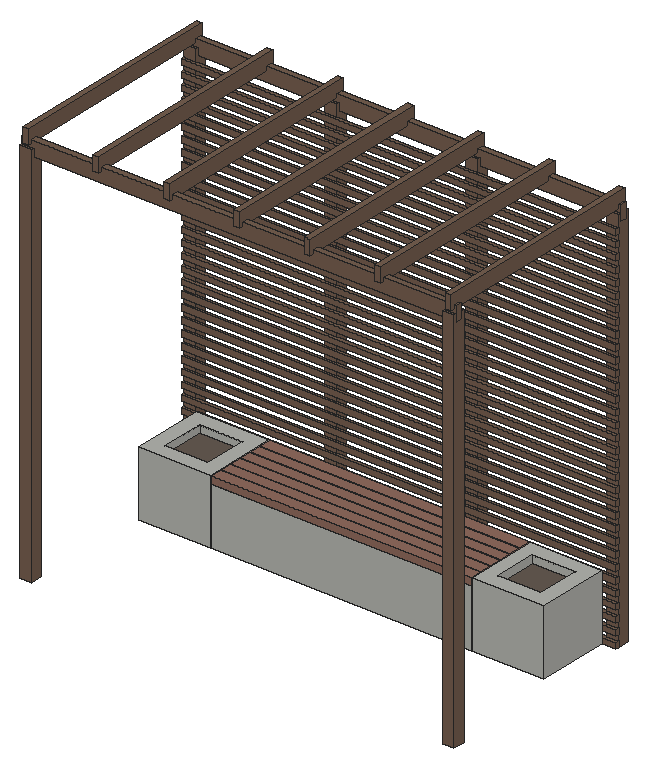
Revit family "21 Blks_Cons_Pergolado", category Mobiliário, Revit 2019
Family settings
  Número OmniClass = 23.40.20.00
  Título OmniClass = General Furniture and Specialties
  Com base no plano de trabalho = Sim
  Sempre na vertical = Sim
  Corte com vazios quando carregada = Não
  Compartilhado = Não
  Ponto de cálculo do ambiente = Não
Parameters (values of type "Único")
  b = if((Altura Pergolado / 8.5) < 10 cm, 10, (Altura Pergolado / 8.5 cm))  # 33
  a = (b * 8 cm) - 1 cm  # 263 cm
  Solo = Blks - Ground
  Pergolado = Blks - Wood - Walnut
  Manufacturer = ""
  Largura Pergolado = 300 cm
  Largura Banco = 280 cm
  Profundidade Pergolado = 150 cm
  Profundidade Banco = 50 cm
  Elevação-padrão = 121.92 cm
  Código de montagem = "Cons"
  Created By / Criado Por / Creado por = "Blocks"  # constant formula
  Comentários de tipos = "Pergolado"  # constant formula
  Base = Blks - Concrete - Raw - Medium
  Banco = Blks - Wood - Mahogany - Horizontal
  Author URL = "https://www.BlocksRvt.com/"
  Author Contact = "info@blocksrvt.com"  # constant formula
  Altura Pergolado = 280 cm
  Altura Banco = 45 cm
Reference planes (cm)
  plane 1 "Centro (Frente/Trás)": y = 0
  plane 2: z = 0
  plane 3 "Centro (Esquerda/Direita)": x = 0
  plane 4: z = 0
  plane 5: z = 45
  plane 6: z = 280
  plane 7: x = -142
  plane 8: x = -150
  plane 9: z = 270
  plane 10: x = 142
  plane 11: x = 150
  plane 12: z = 273
  plane 13: z = 268
  plane 14: z = 263
  plane 15: y = -8
  plane 16: y = -142
  plane 17: y = -150
  plane 18: y = -10
  plane 19: y = -60
  plane 20: z = 40
  plane 21: x = -100
  plane 22: x = -90
  plane 23: x = 100
  plane 24: x = 90
  plane 25: x = -140
  plane 26: x = 140
  plane 27: x = 130
  plane 28: x = -130
  plane 29: y = -50
  plane 30: y = -20
  plane 31: y = -148
  plane 32: y = -144
  plane 33: x = 148
  plane 34: x = 144
  plane 35: x = -144
  plane 36: x = -148
  plane 37: x = 146
  plane 38: x = 97.3333
  plane 39: x = 48.6667
  plane 40: x = -48.6667
  plane 41: x = -97.3333
  plane 42: x = -146
  plane 43: x = 95.3333
  plane 44: x = 99.3333
  plane 45: x = 46.6667
  plane 46: x = 50.6667
  plane 47: x = -50.6667
  plane 48: x = -46.6667
  plane 49: x = -99.3333
  plane 50: x = -95.3333
  plane 51: x = -48.6667
  plane 52: x = -52.6667
  plane 53: x = -44.6667
  plane 54: x = 48.6667
  plane 55: x = 44.6667
  plane 56: x = 52.6667
  plane 57: x = -146
  plane 58: x = 146
  plane 59: y = -35
  plane 60: y = -43.3333
  plane 61: y = -51.6667
  plane 62: y = -26.6667
  plane 63: y = -18.3333
Forms (cm)
  Extrusion 1, solid, material "Blks - Concrete - Raw - Medium" <- "Base"
    sketch origin (0, 0, 0) x (1, 0, 0) y (0, 1, 0)
      loop
        line (-140, -10) -> (-140, -60) -> (-90, -60) -> (-90, -10) -> (-140, -10)
      loop
        line (140, -60) -> (140, -10) -> (90, -10) -> (90, -60) -> (140, -60)
      loop
        line (-100, -50) -> (-100, -20) -> (-130, -20) -> (-130, -50) -> (-100, -50)
      loop
        line (100, -50) -> (130, -50) -> (130, -20) -> (100, -20) -> (100, -50)
    from 0 to 45
  Extrusion 2, solid, material "Blks - Concrete - Raw - Medium" <- "Base"
    sketch origin (0, 0, 0) x (1, 0, 0) y (0, 1, 0)
      loop
        line (-90, -10) -> (-90, -60) -> (90, -60) -> (90, -10) -> (-90, -10)
    from 0 to 40
  Extrusion 3, solid, material "Blks - Wood - Walnut" <- "Pergolado"
    sketch origin (0, 0, 0) x (1, 0, 0) y (0, 1, 0)
      loop
        line (-142, -142) -> (-150, -142) -> (-150, -150) -> (-142, -150) -> (-142, -142)
      loop
        line (150, -142) -> (142, -142) -> (142, -150) -> (150, -150) -> (150, -142)
    from 0 to 268
  Extrusion 4, solid, material "Blks - Wood - Walnut" <- "Pergolado"
    sketch origin (0, 0, 0) x (0, 1, 0) y (0, 0, 1)
      loop
        line (-6, 273) -> (-6, 263) -> (-2, 263) -> (-2, 273) -> (-6, 273)
    from -150 to 150
  Extrusion 5, solid, material "Blks - Wood - Walnut" <- "Pergolado"
    sketch origin (0, 0, 0) x (0, 1, 0) y (0, 0, 1)
      loop
        line (-148, 273) -> (-148, 263) -> (-144, 263) -> (-144, 273) -> (-148, 273)
    from -150 to 150
  Extrusion 6, solid, material "Blks - Wood - Walnut" <- "Pergolado"
    sketch origin (0, 0, 0) x (1, 0, 0) y (0, 0, 1)
      loop
        line (144, 280) -> (144, 270) -> (148, 270) -> (148, 280) -> (144, 280)
      loop
        line (95.3333, 270) -> (99.3333, 270) -> (99.3333, 280) -> (95.3333, 280) -> (95.3333, 270)
      loop
        line (46.6667, 270) -> (50.6667, 270) -> (50.6667, 280) -> (46.6667, 280) -> (46.6667, 270)
      loop
        line (-2, 270) -> (2, 270) -> (2, 280) -> (-2, 280) -> (-2, 270)
      loop
        line (-50.6667, 280) -> (-50.6667, 270) -> (-46.6667, 270) -> (-46.6667, 280) -> (-50.6667, 280)
      loop
        line (-99.3333, 280) -> (-99.3333, 270) -> (-95.3333, 270) -> (-95.3333, 280) -> (-99.3333, 280)
      loop
        line (-148, 280) -> (-148, 270) -> (-144, 270) -> (-144, 280) -> (-148, 280)
    from 0 to 150
  Extrusion 7, solid, material "Blks - Wood - Walnut" <- "Pergolado"
    sketch origin (0, 0, 0) x (1, 0, 0) y (0, 1, 0)
      loop
        line (-52.6667, 0) -> (-52.6667, -8) -> (-44.6667, -8) -> (-44.6667, 0) -> (-52.6667, 0)
      loop
        line (44.6667, 0) -> (44.6667, -8) -> (52.6667, -8) -> (52.6667, 0) -> (44.6667, 0)
      loop
        line (142, 0) -> (142, -8) -> (150, -8) -> (150, 0) -> (142, 0)
      loop
        line (-150, 0) -> (-150, -8) -> (-142, -8) -> (-142, 0) -> (-150, 0)
    from 0 to 268
  Extrusion 8, solid, material "Blks - Wood - Mahogany - Horizontal" <- "Banco"
    sketch origin (0, 0, 0) x (1, 0, 0) y (0, 1, 0)
      loop
        line (-90, -51.6667) -> (-90, -60) -> (90, -60) -> (90, -51.6667) -> (-90, -51.6667)
    from 40 to 45
  Extrusion 9, solid, material "Blks - Wood - Mahogany - Horizontal" <- "Banco"
    sketch origin (0, 12.5, 0) x (1, 0, 0) y (0, 1, 0)
      loop
        line (-90, -55.8333) -> (-90, -64.1667) -> (90, -64.1667) -> (90, -55.8333) -> (-90, -55.8333)
    from 40 to 45
  Extrusion 10, solid, material "Blks - Wood - Mahogany - Horizontal" <- "Banco"
    sketch origin (0, 20.8333, 0) x (1, 0, 0) y (0, 1, 0)
      loop
        line (-90, -55.8333) -> (-90, -64.1667) -> (90, -64.1667) -> (90, -55.8333) -> (-90, -55.8333)
    from 40 to 45
  Extrusion 11, solid, material "Blks - Wood - Mahogany - Horizontal" <- "Banco"
    sketch origin (0, 29.1667, 0) x (1, 0, 0) y (0, 1, 0)
      loop
        line (-90, -55.8333) -> (-90, -64.1667) -> (90, -64.1667) -> (90, -55.8333) -> (-90, -55.8333)
    from 40 to 45
  Extrusion 12, solid, material "Blks - Wood - Mahogany - Horizontal" <- "Banco"
    sketch origin (0, 37.5, 0) x (1, 0, 0) y (0, 1, 0)
      loop
        line (-90, -55.8333) -> (-90, -64.1667) -> (90, -64.1667) -> (90, -55.8333) -> (-90, -55.8333)
    from 40 to 45
  Extrusion 13, solid, material "Blks - Wood - Mahogany - Horizontal" <- "Banco"
    sketch origin (0, 45.8333, 0) x (1, 0, 0) y (0, 1, 0)
      loop
        line (-90, -55.8333) -> (-90, -64.1667) -> (90, -64.1667) -> (90, -55.8333) -> (-90, -55.8333)
    from 40 to 45
  Extrusion 14, solid, material "Blks - Ground" <- "Solo"
    sketch origin (0, 0, 0) x (1, 0, 0) y (0, 1, 0)
      loop
        line (-130, -20) -> (-130, -50) -> (-100, -50) -> (-100, -20) -> (-130, -20)
      loop
        line (100, -20) -> (100, -50) -> (130, -50) -> (130, -20) -> (100, -20)
    from 0 to 40
Dimensions and locks (cm)
  "Altura Banco": plane 5 to level
  "Altura Pergolado": plane 6 to level
  equal spacing: plane 8, plane 3 "Centro (Esquerda/Direita)", plane 11
  "Largura Pergolado": plane 8 to plane 11
  equal spacing: plane 26, plane 3 "Centro (Esquerda/Direita)", plane 25
  "Largura Banco": plane 26 to plane 25
  locked: plane 18 to plane 1 "Centro (Frente/Trás)" at 10
  "Profundidade Banco": plane 19 to plane 18
  locked: plane 22 to plane 21 at 10
  locked: plane 21 to plane 28 at 30
  locked: plane 28 to plane 25 at 10
  locked: plane 24 to plane 23 at 10
  locked: plane 23 to plane 27 at 30
  locked: plane 27 to plane 26 at 10
  locked: plane 19 to plane 29 at 10
  locked: plane 30 to plane 18 at 10
  locked: plane 5 to plane 20 at 5
  plane 6 to plane 12 to plane 9 to plane 13 to plane 14 = 7 cm locked, 3 cm locked, 2 cm locked, 5 cm locked
  locked: plane 11 to plane 10 at 8
  locked: plane 8 to plane 7 at 8
  "Profundidade Pergolado": plane 17 to plane 1 "Centro (Frente/Trás)"
  plane 17 to plane 31 to plane 32 to plane 16 = 2 cm locked, 4 cm locked, 2 cm locked
  locked: plane 11 to plane 33 at 2
  locked: plane 34 to plane 10 at 2
  locked: plane 35 to plane 7 at 2
  locked: plane 8 to plane 36 at 2
  locked: plane 11 to plane 37 at 4
  locked: plane 8 to plane 42 at 4
  equal spacing: plane 3 "Centro (Esquerda/Direita)", plane 40, plane 41, plane 42
  equal spacing: plane 37, plane 38, plane 39, plane 3 "Centro (Esquerda/Direita)"
  plane 44 to plane 38 to plane 43 = 2 cm locked, 2 cm locked
  plane 46 to plane 39 to plane 45 = 2 cm locked, 2 cm locked
  plane 48 to plane 40 to plane 47 = 2 cm locked, 2 cm locked
  plane 50 to plane 41 to plane 49 = 2 cm locked, 2 cm locked
  equal spacing: plane 57, plane 51, plane 54, plane 58
  locked: plane 36 to plane 57 at 2
  locked: plane 58 to plane 33 at 2
  plane 52 to plane 51 to plane 53 = 4 cm locked, 4 cm locked
  plane 55 to plane 54 to plane 56 = 4 cm locked, 4 cm locked
  equal spacing: plane 18, plane 63, plane 62, plane 59, plane 60, plane 61, plane 19
  equal spacing: group 1, group 2, group 3, group 4, group 5, group 6, group 7, group 8, group 9, group 10, group 11, group 12, group 13, group 14, group 15, group 16, group 17, group 18, group 19, group 20, group 21, group 22, group 23, group 24, group 25, group 26, group 27, group 28, group 29, group 30, group 31, group 32, group 33  (x3)
  aligned and locked: level to plane 2
  aligned and locked: plane 19 to Extrusion 1 sketch curve
  aligned and locked: Extrusion 1 sketch curve to plane 18
  aligned and locked: plane 25 to Extrusion 1 sketch curve
  aligned and locked: plane 26 to Extrusion 1 sketch curve
  aligned and locked: Extrusion 1 sketch curve to plane 22
  aligned and locked: Extrusion 1 sketch curve to plane 24
  aligned and locked: plane 19 to Extrusion 2 sketch curve
  aligned and locked: Extrusion 2 sketch curve to plane 18
  aligned and locked: plane 22 to Extrusion 2 sketch curve
  aligned and locked: plane 24 to Extrusion 2 sketch curve
  aligned and locked: plane 5 to Extrusion 1
  aligned and locked: plane 20 to Extrusion 2
  aligned and locked: Extrusion 3 sketch curve to plane 16  (x2)
  aligned and locked: plane 17 to Extrusion 3 sketch curve  (x2)
  aligned and locked: Extrusion 3 to plane 10
  aligned and locked: Extrusion 4 sketch curve to plane 12
  aligned and locked: plane 14 to Extrusion 4 sketch curve
  aligned and locked: plane 8 to Extrusion 4
  aligned and locked: plane 11 to Extrusion 4
  aligned and locked: plane 13 to Extrusion 3
  aligned and locked: Extrusion 5 sketch curve to plane 31
  aligned and locked: Extrusion 5 sketch curve to plane 32
  aligned and locked: plane 14 to Extrusion 5 sketch curve
  aligned and locked: Extrusion 5 sketch curve to plane 12
  aligned and locked: plane 8 to Extrusion 5
  aligned and locked: plane 11 to Extrusion 5
  aligned and locked: Extrusion 6 sketch curve to plane 6  (x4)
  aligned and locked: plane 9 to Extrusion 6 sketch curve  (x4)
  aligned and locked: plane 34 to Extrusion 6 sketch curve
  aligned and locked: Extrusion 6 sketch curve to plane 33
  aligned and locked: plane 36 to Extrusion 6 sketch curve
  aligned and locked: Extrusion 6 sketch curve to plane 35
  aligned and locked: plane 49 to Extrusion 6 sketch curve
  aligned and locked: Extrusion 6 sketch curve to plane 50
  aligned and locked: plane 47 to Extrusion 6 sketch curve
  aligned and locked: Extrusion 6 sketch curve to plane 48
  aligned and locked: plane 6 to Extrusion 6 sketch curve  (x3)
  aligned and locked: Extrusion 6 sketch curve to plane 9  (x3)
  aligned and locked: Extrusion 6 sketch curve to plane 45
  aligned and locked: plane 46 to Extrusion 6 sketch curve
  aligned and locked: Extrusion 6 sketch curve to plane 43
  aligned and locked: plane 44 to Extrusion 6 sketch curve
  aligned and locked: Extrusion 6 to plane 1 "Centro (Frente/Trás)"
  aligned and locked: Extrusion 6 to plane 17
  aligned and locked: plane 15 to Extrusion 7 sketch curve  (x4)
  aligned and locked: plane 1 "Centro (Frente/Trás)" to Extrusion 7 sketch curve  (x3)
  aligned and locked: Extrusion 7 sketch curve to plane 52
  aligned and locked: plane 53 to Extrusion 7 sketch curve
  aligned and locked: plane 56 to Extrusion 7 sketch curve
  aligned and locked: Extrusion 7 sketch curve to plane 55
  aligned and locked: plane 10 to Extrusion 7 sketch curve
  aligned and locked: plane 7 to Extrusion 7 sketch curve
  aligned and locked: Extrusion 7 sketch curve to plane 1 "Centro (Frente/Trás)"
  aligned and locked: plane 8 to Extrusion 3
  aligned and locked: Extrusion 3 to plane 7
  aligned and locked: Extrusion 3 to plane 11
  aligned and locked: plane 8 to Extrusion 7
  aligned and locked: Extrusion 7 to plane 11
  aligned and locked: plane 13 to Extrusion 7
  aligned and locked: plane 24 to Extrusion 8 sketch curve
  aligned and locked: Extrusion 8 sketch curve to plane 61
  aligned and locked: plane 19 to Extrusion 8 sketch curve
  aligned and locked: plane 22 to Extrusion 8 sketch curve
  aligned and locked: plane 5 to Extrusion 8
  aligned and locked: Extrusion 8 to plane 20
  aligned and locked: Extrusion 9 to plane 61
  aligned and locked: plane 60 to Extrusion 9
  aligned and locked: Extrusion 9 to plane 22
  aligned and locked: Extrusion 9 to plane 24
  aligned and locked: Extrusion 9 to plane 20
  aligned and locked: plane 5 to Extrusion 9
  aligned and locked: Extrusion 10 to plane 20
  aligned and locked: plane 5 to Extrusion 10
  aligned and locked: Extrusion 11 to plane 20
  aligned and locked: plane 5 to Extrusion 11
  aligned and locked: Extrusion 12 to plane 20
  aligned and locked: plane 5 to Extrusion 12
  aligned and locked: Extrusion 13 to plane 20
  aligned and locked: plane 5 to Extrusion 13
  aligned and locked: Extrusion 14 sketch curve to plane 30  (x2)
  aligned and locked: plane 29 to Extrusion 14 sketch curve  (x2)
  aligned and locked: plane 27 to Extrusion 14 sketch curve
  aligned and locked: Extrusion 14 sketch curve to plane 23
  aligned and locked: plane 28 to Extrusion 14 sketch curve
  aligned and locked: Extrusion 14 sketch curve to plane 21
  aligned and locked: plane 20 to Extrusion 14
  aligned and locked: nested 1 to plane 15
  aligned and locked: plane 8 to nested 1
  aligned and locked: nested 1 to plane 11
  aligned and locked: plane 8 to nested 33
  aligned and locked: plane 11 to nested 33
Automatic sketch dimensions
  Extrusion 1 sketch curve to plane 30 = 0 cm  (x2)
  Extrusion 1 sketch curve to plane 29 = 0 cm  (x2)
  Extrusion 1 sketch curve to plane 21 = 0 cm
  Extrusion 1 sketch curve to plane 23 = 0 cm
  Extrusion 1 sketch curve to plane 27 = 0 cm
  Extrusion 1 sketch curve to plane 19 = 0 cm
  Extrusion 1 sketch curve to plane 18 = 0 cm
  Extrusion 1 sketch curve to plane 28 = 0 cm
  Extrusion 3 sketch curve to plane 8 = 0 cm
  Extrusion 3 sketch curve to plane 7 = 0 cm
  Extrusion 3 sketch curve to plane 10 = 0 cm
  Extrusion 3 sketch curve to plane 11 = 0 cm
  plane 15 to Extrusion 4 sketch curve = 2 cm
  plane 1 "Centro (Frente/Trás)" to Extrusion 4 sketch curve = 2 cm
  Extrusion 6 sketch curve to plane 3 "Centro (Esquerda/Direita)" = 2 cm
  plane 3 "Centro (Esquerda/Direita)" to Extrusion 6 sketch curve = 2 cm
  Extrusion 7 sketch curve to plane 8 = 0 cm
  Extrusion 7 sketch curve to plane 11 = 0 cm
  Extrusion 9 sketch curve to plane 22 = 0 cm
  Extrusion 9 sketch curve to plane 24 = 0 cm
  Extrusion 9 sketch curve to plane 61 = 0 cm
  Extrusion 9 sketch curve to plane 60 = 0 cm
  Extrusion 10 sketch curve to plane 22 = 0 cm
  Extrusion 10 sketch curve to plane 24 = 0 cm
  Extrusion 10 sketch curve to plane 60 = 0 cm
  Extrusion 10 sketch curve to plane 59 = 0 cm
  Extrusion 11 sketch curve to plane 22 = 0 cm
  Extrusion 11 sketch curve to plane 24 = 0 cm
  Extrusion 11 sketch curve to plane 59 = 0 cm
  plane 62 to Extrusion 11 sketch curve = 0 cm
  Extrusion 12 sketch curve to plane 22 = 0 cm
  Extrusion 12 sketch curve to plane 24 = 0 cm
  plane 62 to Extrusion 12 sketch curve = 0 cm
  plane 63 to Extrusion 12 sketch curve = 0 cm
  Extrusion 13 sketch curve to plane 22 = 0 cm
  Extrusion 13 sketch curve to plane 24 = 0 cm
  plane 63 to Extrusion 13 sketch curve = 0 cm
  Extrusion 13 sketch curve to plane 18 = 0 cm
Nested families (cm)
  nested 1: "Family1" at (0, -8, 0), type "Family1"
  nested 2: "Family1" at (0, -8, 8), type "Family1"
  nested 3: "Family1" at (0, -8, 16), type "Family1"
  nested 4: "Family1" at (0, -8, 24), type "Family1"
  nested 5: "Family1" at (0, -8, 32), type "Family1"
  nested 6: "Family1" at (0, -8, 40), type "Family1"
  nested 7: "Family1" at (0, -8, 48), type "Family1"
  nested 8: "Family1" at (0, -8, 56), type "Family1"
  nested 9: "Family1" at (0, -8, 64), type "Family1"
  nested 10: "Family1" at (0, -8, 72), type "Family1"
  nested 11: "Family1" at (0, -8, 80), type "Family1"
  nested 12: "Family1" at (0, -8, 88), type "Family1"
  nested 13: "Family1" at (0, -8, 96), type "Family1"
  nested 14: "Family1" at (0, -8, 104), type "Family1"
  nested 15: "Family1" at (0, -8, 112), type "Family1"
  nested 16: "Family1" at (0, -8, 120), type "Family1"
  nested 17: "Family1" at (0, -8, 128), type "Family1"
  nested 18: "Family1" at (0, -8, 136), type "Family1"
  nested 19: "Family1" at (0, -8, 144), type "Family1"
  nested 20: "Family1" at (0, -8, 152), type "Family1"
  nested 21: "Family1" at (0, -8, 160), type "Family1"
  nested 22: "Family1" at (0, -8, 168), type "Family1"
  nested 23: "Family1" at (0, -8, 176), type "Family1"
  nested 24: "Family1" at (0, -8, 184), type "Family1"
  nested 25: "Family1" at (0, -8, 192), type "Family1"
  nested 26: "Family1" at (0, -8, 200), type "Family1"
  nested 27: "Family1" at (0, -8, 208), type "Family1"
  nested 28: "Family1" at (0, -8, 216), type "Family1"
  nested 29: "Family1" at (0, -8, 224), type "Family1"
  nested 30: "Family1" at (0, -8, 232), type "Family1"
  nested 31: "Family1" at (0, -8, 240), type "Family1"
  nested 32: "Family1" at (0, -8, 248), type "Family1"
  nested 33: "Family1" at (0, -8, 256), type "Family1"
Definition of nested family "Family1"
  Parameters (values of type "Family1")
    Pergolado = none
    Largura Pergolado = 300 cm
    Default Elevation = 121.92 cm
  Reference planes (cm)
    plane 1 "Center (Front/Back)": y = 0
    plane 2: z = 0
    plane 3 "Center (Left/Right)": x = 0
    plane 4: x = -150
    plane 5: x = 150
  Forms (cm)
    Extrusion 1, solid, material <- "Pergolado"
      sketch origin (0, 0, 0) x (1, 0, 0) y (0, 0, 1)
        loop
          line (-150, 0) -> (150, 0) -> (150, 4) -> (-150, 4) -> (-150, 0)
      from 0 to 2
  Dimensions and locks (cm)
    "Largura Pergolado": plane 5 to plane 4
    aligned and locked: level to plane 2
  Automatic sketch dimensions
    Extrusion 1 sketch curve to level = 0 cm
    Extrusion 1 sketch curve to plane 4 = 0 cm
    plane 5 to Extrusion 1 sketch curve = 0 cm
    level to Extrusion 1 sketch curve = 4 cm
